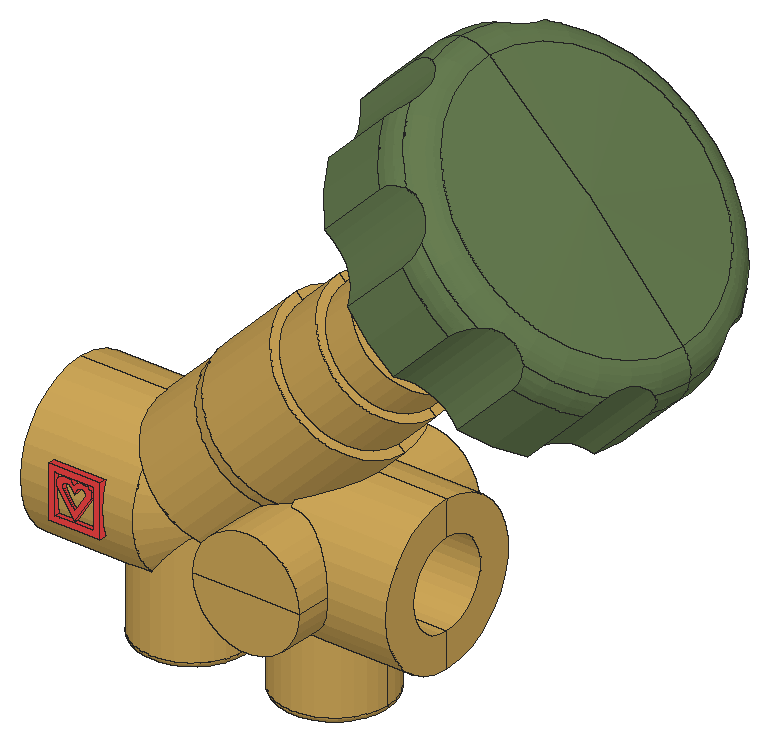
Revit family "HERZ Strömax 4125 AWD", category Rohrzubehör, Revit 2018
Family settings
  Bemaßung runder Anschluss = Durchmesser verwenden
  Teiletyp = Unterbricht
  OmniClass-Nummer = 23.65.55.14
  OmniClass-Titel = Valves for Liquid Services
  Arbeitsebenenbasiert = Nein
  Immer vertikal = Ja
  Beim Laden mit Abzugskörper schneiden = Nein
  Gemeinsam genutzt = Nein
Parameters
  W01 = 45.00°  # constant formula
  URL = "www.herzvalves.com"
  Technically possible use = " "  # constant formula
  Spindle = "forged brass CW617N"  # constant formula
  SW01 = 60.00°  # constant formula
  SC_NennweiteBerechnet = 0
  SC_Dimension = ""
  SCTWSEQ = "FW;SBT_TYP_FW=\"109\";2"
  SCTWCODE = "04;00;02"  # constant formula
  S03 = 60.000 mm  # constant formula
  S02 [instance] = L06 + L09 + L12 + L15  # 77.900 mm
  S01 [instance] = R01 * 2  # 27.000 mm
  R12 [instance] = R01 - 1.000 mm  # 12.500 mm
  R11 [instance] = size_lookup("4125AWD_", "R11", 46.500 mm, Nennweite)  # 5.100 mm
  R100 = 1.000 mm  # constant formula
  R10 [instance] = size_lookup("4125AWD_", "R10", 46.500 mm, Nennweite)  # 8.000 mm
  R09 [instance] = size_lookup("4125AWD_", "R9", 46.500 mm, Nennweite)  # 10.500 mm
  R08 [instance] = size_lookup("4125AWD_", "R8", 46.500 mm, Nennweite)  # 12.000 mm
  R07 [instance] = size_lookup("4125AWD_", "R7", 46.500 mm, Nennweite)  # 13.500 mm
  R06 [instance] = size_lookup("4125AWD_", "R6", 43.000 mm, Nennweite)  # 13.000 mm
  R05 [instance] = Nennweite / 2  # 7.500 mm
  R04 [instance] = size_lookup("4125AWD_", "R4", 11.500 mm, Nennweite)  # 9.500 mm
  R03 = 9.500 mm  # constant formula
  R02 [instance] = Nennweite / 2  # 7.500 mm
  R01 [instance] = size_lookup("4125AWD_", "R1", 11.500 mm, Nennweite)  # 13.500 mm
  Part number [instance] = size_lookup("4125AWD_", "Artnr", 0, Nennweite)  # 2412571
  Upper part = "DZR brass CW626N"  # constant formula
  Note = "Pursuant to Article 33 of the REACH Regulation (EC No. 1907/2006), we are obliged to point out that the material lead is listed on the SVHC list and that all brass components manufactured in our products exceed 0.1% (w / w) lead (CAS: 7439-92-1 / EINECS: 231-100-4).\r\nSince lead is a component part of an alloy, actual exposure is not possible and therefore no additional information on safe use is necessary."
  Nennweite [instance] = 15.000 mm
  Min. flow at Dp 10 kPa [instance] = if(Nennweite = 15.000 mm, 0.5 L/s, if(Nennweite = 20.000 mm, 1.0 L/s, if(Nennweite = 25.000 mm, 1.75 L/s, if(Nennweite = 32.000 mm, 3.0 L/s, if(Nennweite = 40.000 mm, 4.0 L/s, if(Nennweite = 50.000 mm, 6.75 L/s, if(Nennweite = 65.000 mm, 11.0 L/s, if(Nennweite = 80.000 mm, 16.0 L/s, 0.0 L/s))))))))  # 0.5 L/s
  Medium = "Water"  # constant formula
  Max. operating temperature = 80 °C  # constant formula
  Max. operating pressure = 2000000.0 Pa  # constant formula
  Max. service temperature (ÖVGW) = 65 °C  # constant formula
  Max. differential pressure on closed seat = 1000000.0 Pa  # constant formula
  Max. operating pressure (ÖVGW) = 1000000.0 Pa  # constant formula
  L16 [instance] = L01 / 2  # 10.000 mm
  L15 [instance] = size_lookup("4125AWD_", "L15", 12.400 mm, Nennweite)  # 12.400 mm
  L14 [instance] = size_lookup("4125AWD_", "L14", 81.000 mm, Nennweite)  # 6.000 mm
  L12 [instance] = size_lookup("4125AWD_", "L12", 81.000 mm, Nennweite)  # 26.000 mm
  L11 [instance] = size_lookup("4125AWD_", "L11", 60.000 mm, Nennweite)  # 6.700 mm
  L10 [instance] = size_lookup("4125AWD_", "L10", 20.000 mm, Nennweite)  # 9.300 mm
  L09 [instance] = size_lookup("4125AWD_", "L9", 11.000 mm, Nennweite)  # 17.000 mm
  L08 [instance] = size_lookup("4125AWD_", "L8", 35.000 mm, Nennweite)  # 20.000 mm
  L07 [instance] = size_lookup("4125AWD_", "L7", 35.000 mm, Nennweite)  # 12.500 mm
  L06 [instance] = size_lookup("4125AWD_", "L6", 118.000 mm, Nennweite) - L09  # 22.500 mm
  L05 [instance] = size_lookup("4125AWD_", "L5", 44.000 mm, Nennweite)  # 20.500 mm
  L04 [instance] = size_lookup("4125AWD_", "L4", 45.000 mm, Nennweite)  # 19.500 mm
  L03 = 15.000 mm  # constant formula
  L02 [instance] = size_lookup("4125AWD_", "L2", 22.000 mm, Nennweite)  # 6.000 mm
  L01 [instance] = size_lookup("4125AWD_", "L1", 48.000 mm, Nennweite)  # 20.000 mm
  L00 [instance] = size_lookup("4125AWD_", "L", 180.000 mm, Nennweite)  # 65.000 mm
  Plug = "DZR brass CW626N"  # constant formula
  Hersteller = "HERZ Armaturen Ges.m.b.H."  # constant formula
  Hand wheel = "plastic, green"  # constant formula
  H01 [instance] = size_lookup("4125AWD_", "H1", 53.000 mm, Nennweite)  # 24.000 mm
  Occasional temperature rises = "up to 95°C, if they do not last longer than 1 h"  # constant formula
  Seals = "EPDM"  # constant formula
  DN80 [instance] = Nennweite = 80.000 mm  # no
  DN65 [instance] = Nennweite = 65.000 mm  # no
  DN50 [instance] = Nennweite = 50.000 mm  # no
  DN40 [instance] = Nennweite = 40.000 mm  # no
  DN32 [instance] = Nennweite = 32.000 mm  # no
  DN25 [instance] = Nennweite = 25.000 mm  # no
  DN20 [instance] = Nennweite = 20.000 mm  # no
  DN15 [instance] = Nennweite = 15.000 mm  # yes
  Body = "DZR brass CC770S"  # constant formula
  Application = "For shutting off drinking water pipes in buildings."
Reference planes
  plane 1 "Mitte (Vorne/hinten)": y = 0
  plane 2: z = 0
  plane 3 "Mitte (Links/rechts)": x = 0
Forms (mm)
  Revolve 1, solid, material "Messing, weicher Gelbton, geschweißt", detail levels fine
    sketch origin (470, 0, 0) x (1, 0, 0) y (0, 0, 1)
      loop
        line (-502.5, 7.5) -> (-487.5, 7.5) -> (-487.5, 0) -> (-452.5, 0) -> (-452.5, 7.5) -> (-437.5, 7.5) -> (-437.5, 13.5) -> (-457.5, 13.5) -> (-464, 7.5) -> (-476, 7.5) -> (-482.5, 13.5) -> (-502.5, 13.5) -> (-502.5, 7.5)
      axis (-502.5, 0) -> (-437.5, 0)
    angle from 0 to 360
  Revolve 2, solid, material "Messing, weicher Gelbton, geschweißt", detail levels fine
    sketch origin (470, 0, 0) x (1, 0, 0) y (0, 0, 1)
      loop
        line (-492, 0) -> (-492, -23)
        arc (-492, -23) -> (-491.707, -23.707) -> (-491, -24) r 1
        line (-491, -24) -> (-482.5, -24) -> (-482.5, 0) -> (-492, 0)
      axis (-482.5, 0) -> (-482.5, -24)
    angle from 0 to 360
  Revolve 3, solid, material "Messing, weicher Gelbton, geschweißt", detail levels fine
    sketch origin (0, 0, 0) x (1, 0, 0) y (0, 1, 0)
      loop
        line (12.5, -19.5) -> (22, -19.5) -> (22, 20.5) -> (12.5, 20.5) -> (12.5, -19.5)
      axis (12.5, -19.5) -> (12.5, 20.5)
    angle from 0 to 360
  Revolve 4, solid, material "Messing, weicher Gelbton, geschweißt", detail levels fine
    sketch origin (-470, 0, 0) x (-1, 0, 0) y (0, 0, 1)
      loop
        line (-492, 0) -> (-492, -23)
        arc (-492, -23) -> (-491.707, -23.707) -> (-491, -24) r 1
        line (-491, -24) -> (-482.5, -24) -> (-482.5, 0) -> (-492, 0)
      axis (-482.5, 0) -> (-482.5, -24)
    angle from 0 to 360
  Revolve 5, solid, material "Messing, weicher Gelbton, geschweißt", detail levels fine
    sketch origin (0.32, 0, -0.105) x (1, 0, 0) y (0, 0, 1)
      loop
        line (-12.82, 0) -> (42.264, 55.084) -> (38.657, 58.69) -> (29.889, 49.922) -> (27.839, 51.972) -> (20.767, 44.901) -> (19, 46.669) -> (14.262, 41.931) -> (13.201, 42.992) -> (6.625, 36.416) -> (5.565, 37.477) -> (-6.456, 25.456) -> (-7.87, 23.335) -> (-17.77, 13.435) -> (-18.123, 5.303) -> (-12.82, 0)
      axis (-12.82, 0) -> (42.264, 55.084)
    angle from 0 to 360
Lines and regions (mm)
  model lines, detail levels coarse+medium
    curve 1: line (-32.5, 0, 13.5) -> (-32.5, 0, -13.5)
    curve 2: line (-32.5, 0, -13.5) -> (32.5, 0, 13.5)
    curve 3: line (32.5, 0, 13.5) -> (32.5, 0, -13.5)
    curve 4: line (32.5, 0, -13.5) -> (-32.5, 0, 13.5)
    curve 5: line (0, 0, 0) -> (38.95, 0, 67.463)
    curve 6: line (12.969, 0, 82.463) -> (64.931, 0, 52.463)
    curve 7: line (-32.5, -13.5, 0) -> (-32.5, 13.5, 0)
    curve 8: line (-32.5, 13.5, 0) -> (32.5, -13.5, 0)
    curve 9: line (32.5, -13.5, 0) -> (32.5, 13.5, 0)
    curve 10: line (32.5, 13.5, 0) -> (-32.5, -13.5, 0)
    curve 11: line (0, 0, 0) -> (38.95, 67.463, 0)
    curve 12: line (12.969, 82.463, 0) -> (64.931, 52.463, 0)
Dimensions and locks
  "H01": plane 2 to Revolve 2 sketch curve
  "L00": Revolve 1 sketch curve to Revolve 1 sketch curve
  equal spacing: Revolve 1 sketch curve, plane 3 "Mitte (Links/rechts)", Revolve 1 sketch curve
  "R01": Revolve 1 sketch curve to Revolve 1 sketch curve  (x2)
  "R02": Revolve 1 sketch curve to Revolve 1 sketch curve  (x3)
  "L01": Revolve 1 sketch curve to Revolve 1 sketch curve  (x2)
  "L02": plane 3 "Mitte (Links/rechts)" to Revolve 1 sketch curve
  "L02": Revolve 1 sketch curve to plane 3 "Mitte (Links/rechts)"
  "L03": Revolve 1 sketch curve to Revolve 1 sketch curve  (x2)
  "L01": Revolve 1 to Revolve 2 sketch curve
  "R03": Revolve 2 sketch curve to Revolve 2 sketch curve
  "L01": Revolve 4 sketch curve to Revolve 1
  "R03": Revolve 4 sketch curve to Revolve 4 sketch curve
  "H01": plane 2 to Revolve 4 sketch curve
  "L04": Revolve 3 sketch curve to plane 1 "Mitte (Vorne/hinten)"
  "L05": plane 1 "Mitte (Vorne/hinten)" to Revolve 3 sketch curve
  "R04": Revolve 3 sketch curve to Revolve 3 sketch curve
  "L01": Revolve 3 sketch curve to Revolve 1
  "R07": Revolve 5 sketch curve to Revolve 5 sketch curve
  "L07": plane 3 "Mitte (Links/rechts)" to Revolve 5 sketch curve
  "R05": Revolve 5 sketch curve to Revolve 5 sketch curve
  "L06": Revolve 5 sketch curve to Revolve 5 sketch curve
  "L08": Revolve 5 sketch curve to Revolve 5 sketch curve
  "R06": Revolve 5 sketch curve to Revolve 5 sketch curve
  "L14": Revolve 5 sketch curve to Revolve 5 sketch curve
  "L09": Revolve 5 sketch curve to Revolve 5 sketch curve
  "R08": Revolve 5 sketch curve to Revolve 5 sketch curve
  "L10": Revolve 5 sketch curve to Revolve 5 sketch curve
  "R09": Revolve 5 sketch curve to Revolve 5 sketch curve
  "R10": Revolve 5 sketch curve to Revolve 5 sketch curve
  "L12": Revolve 5 sketch curve to Revolve 5 sketch curve
  "R11": Revolve 5 sketch curve to Revolve 5 sketch curve
  "L15": Revolve 5 sketch curve to Revolve 5 sketch curve
  "L11": Revolve 5 sketch curve to Revolve 5 sketch curve
  "R12": nested 9 to plane 1 "Mitte (Vorne/hinten)"
  "L16": Revolve 1 to nested 9
  equal spacing: curve 1, plane 3 "Mitte (Links/rechts)", curve 3
  "L00": curve 1 to curve 3
  equal spacing: curve 4, plane 2, curve 2
  "S01": curve 4 to curve 1
  "S01": curve 3 to curve 4
  equal spacing: curve 3, plane 2, curve 4
  "S02": curve 5 to curve 5
  equal spacing: curve 6, curve 5, curve 6
  "S03": curve 6 to curve 6
  equal spacing: curve 7, plane 3 "Mitte (Links/rechts)", curve 9
  "L00": curve 7 to curve 9
  equal spacing: curve 10, plane 1 "Mitte (Vorne/hinten)", curve 8
  "S01": curve 8 to curve 10
  equal spacing: curve 9, plane 1 "Mitte (Vorne/hinten)", curve 10
  "S01": curve 10 to curve 9
  "S02": curve 11 to curve 11
  equal spacing: curve 12, curve 11, curve 12
  "S03": curve 12 to curve 12
  "R100": radius of Revolve 2 sketch curve
  "R100": radius of Revolve 4 sketch curve
  "W01": angle plane 2 to Revolve 5 sketch curve
  "W01": angle level to Revolve 5 sketch curve
  "SW01": angle plane 2 to curve 5
  "SW01": angle plane 1 "Mitte (Vorne/hinten)" to curve 11
  aligned and locked: level to plane 2
Automatic sketch dimensions
  curve 5 to level = 0.000 mm
  plane 1 "Mitte (Vorne/hinten)" to curve 11 = 0.000 mm
  Revolve 1 sketch curve to level = 0.000 mm  (x2)
  Revolve 1 sketch curve to Revolve 1 sketch curve = 791.990 mm
  Revolve 1 sketch curve to Revolve 1 sketch curve = 2278.983 mm
  Revolve 2 sketch curve to level = 0.000 mm  (x2)
  Revolve 2 sketch curve to Revolve 2 sketch curve = 0.000 mm
  Revolve 2 sketch curve to Revolve 2 sketch curve = 0.292 mm
  Revolve 3 sketch curve to Revolve 3 sketch curve = 0.000 mm  (x3)
  Revolve 4 sketch curve to level = 0.000 mm  (x2)
  Revolve 4 sketch curve to Revolve 4 sketch curve = 0.000 mm
  Revolve 4 sketch curve to Revolve 4 sketch curve = 0.292 mm
  Revolve 5 sketch curve to level = 0.105 mm
  Revolve 5 sketch curve to Revolve 5 sketch curve = 0.000 mm  (x2)
Nested families
  nested 1: "Strömax-Handrad_Schrägsitz (Grün)" at (42.584, 0, 54.979), visible <- "DN15", type "Strömax-Handrad_Schrägsitz (Grün)", detail levels fine
    with Nennweite 0.000 mm, Gewicht 0.00 kg, Bestellnummer 0
  nested 2: "Strömax-Handrad_Schrägsitz (Grün)" at (54.312, 0, 67.707), visible <- "DN20", type "Strömax-Handrad_Schrägsitz (Grün)", detail levels fine
    with Nennweite 0.000 mm, Gewicht 0.00 kg, Bestellnummer 0
  nested 3: "Strömax-Handrad_Schrägsitz (Grün)" at (62.469, 0, 80.364), visible <- "DN25", type "Strömax-Handrad_Schrägsitz (Grün)", detail levels fine
    with Nennweite 0.000 mm, Gewicht 0.00 kg, Bestellnummer 0
  nested 4: "Strömax-Handrad_Schrägsitz (Grün)" at (71.712, 0, 91.607), visible <- "DN32", type "Strömax-Handrad_Schrägsitz (Grün)", detail levels fine
    with Nennweite 0.000 mm, Gewicht 0.00 kg, Bestellnummer 0
  nested 5: "Strömax-Handrad_Schrägsitz (Grün)" at (80.399, 0, 101.294), visible <- "DN40", type "Strömax-Handrad_Schrägsitz (Grün)", detail levels fine
    with Nennweite 0.000 mm, Gewicht 0.00 kg, Bestellnummer 0
  nested 6: "Strömax-Handrad_Schrägsitz (Grün)" at (97.83, 0, 129.225), visible <- "DN50", type "Strömax-Handrad_Schrägsitz (Grün)", detail levels fine
    with Nennweite 0.000 mm, Gewicht 0.00 kg, Bestellnummer 0
  nested 7: "Strömax-Handrad_Schrägsitz (Grün)" at (114.482, 0, 149.378), visible <- "DN65", type "Strömax-Handrad_Schrägsitz (Grün)", detail levels fine
    with Nennweite 0.000 mm, Gewicht 0.00 kg, Bestellnummer 0
  nested 8: "Strömax-Handrad_Schrägsitz (Grün)" at (140.423, 0, 183.319), visible <- "DN80", type "Strömax-Handrad_Schrägsitz (Grün)", detail levels fine
    with Nennweite 0.000 mm, Gewicht 0.00 kg, Bestellnummer 0
  nested 9: "Herz-Logo-vorne" at (-22.5, -13.232, 0) x (0, 1, 0) z (0, 0, 1), type "Herz-Logo-vorne", detail levels fine
Connectors
  piping at (-17.5, 0, 0), diameter 15, driven by "Nennweite"
    settings: on Revolve 1, index 1, connector inside diameter 609.6 mm, connector length 0.000 mm, flow factor 0, pipe flow 0.0 L/s, pressure drop 0.0 Pa, fitting loss kfactor 0, connector angle 0.00°, fixture units 0, engagement length 0.000 mm, angle of deflection 0.00°, flow configuration 0, flow direction 1, fitting loss method 0, system type 29, joint type 0, gender type 0, connector reference index -1, connector utility 0, adjustable connector no, is connector primary yes, connector description ""
  piping at (17.5, 0, 0), diameter 15, driven by "Nennweite"
    settings: on Revolve 1, index 2, connector inside diameter 609.6 mm, connector length 0.000 mm, flow factor 0, pipe flow 0.0 L/s, pressure drop 0.0 Pa, fitting loss kfactor 0, connector angle 0.00°, fixture units 0, engagement length 0.000 mm, angle of deflection 0.00°, flow configuration 0, flow direction 2, fitting loss method 0, system type 29, joint type 0, gender type 0, connector reference index -1, connector utility 0, adjustable connector no, is connector primary no, connector description ""
Definition of nested family "Strömax-Handrad_Schrägsitz (Grün)"
  Parameters (values of type "Strömax-Handrad_Schrägsitz (Grün)")
    URL = "www.herz-armaturen.at"
    Nennweite [instance] = 0.000 mm
    Manufacturer = "Herz Armaturen GmbH"  # constant formula
    Gewicht [instance] = 0.00 kg
    Bestellnummer [instance] = 0
  Reference planes
    plane 1 "Mitte (Vorne/hinten)": y = 0
    plane 2: z = 0
    plane 3 "Mitte (Links/rechts)": x = 0
  Forms (mm)
    Revolve 1, solid
      sketch origin (0, 0, 0) x (0.707107, 0, -0.707107) y (0.707107, 0, 0.707107)
        loop
          line (0, 0) -> (0, 22)
          arc (0, 22) -> (-12.15, 21.705) -> (-24.271, 20.819) r 250
          arc (-24.271, 20.819) -> (-26.831, 19.959) -> (-28.754, 18.063) r 6
          arc (-28.754, 18.063) -> (-29.682, 16.008) -> (-30, 13.776) r 8
          line (-30, 13.776) -> (-30, 0) -> (0, 0)
        axis (0, 22) -> (0, 0)
      angle from 0 to 360
    Extrusion 2, void
      sketch origin (0, 0, 0) x (0.707107, 0, -0.707107) y (0, 1, 0)
        loop
          circle (14.351, -34.645) r 10
      from 0 to 22
    Extrusion 3, void
      sketch origin (0, 0, 0) x (-0.707107, 0, 0.707107) y (0, -1, 0)
        loop
          circle (14.351, 34.645) r 10
      from 0 to 22
    Extrusion 4, void
      sketch origin (0, 0, 0) x (0, -1, 0) y (0.707107, 0, -0.707107)
        loop
          circle (14.351, 34.645) r 10
      from 0 to 22
    Extrusion 5, void
      sketch origin (0, 0, 0) x (0, 1, 0) y (-0.707107, 0, 0.707107)
        loop
          circle (14.351, -34.645) r 10
      from 0 to 22
    Extrusion 6, void
      sketch origin (0, 0, 0) x (0, -1, 0) y (0.707107, 0, -0.707107)
        loop
          circle (14.351, -34.645) r 10
      from 0 to 22
    Extrusion 7, void
      sketch origin (0, 0, 0) x (0, 1, 0) y (-0.707107, 0, 0.707107)
        loop
          circle (14.351, 34.645) r 10
      from 0 to 22
    Extrusion 8, void
      sketch origin (0, 0, 0) x (0.707107, 0, -0.707107) y (0, 1, 0)
        loop
          circle (14.351, 34.645) r 10
      from 0 to 22
    Extrusion 9, void
      sketch origin (0, 0, 0) x (-0.707107, 0, 0.707107) y (0, -1, 0)
        loop
          circle (14.351, -34.645) r 10
      from 0 to 22
  Cuts and joins
    Extrusion 2, Extrusion 3, Extrusion 4, Extrusion 5, Extrusion 6, Extrusion 7, Extrusion 8, Extrusion 9 cuts Revolve 1
  Dimensions and locks
    aligned and locked: level to plane 2
Definition of nested family "Herz-Logo-vorne"
  Reference planes
    plane 1 "Mitte (Vorne/hinten)": y = 0
    plane 2: z = 0
    plane 3 "Mitte (Links/rechts)": x = 0
  Forms (mm)
    Extrusion 1, solid
      sketch origin (0.732, -0.018, 0.017) x (0, -1, 0) y (0, 0, 1)
        loop
          line (-0.018, -4.517) -> (4.482, -4.517) -> (4.482, 4.483) -> (-4.518, 4.483) -> (-4.518, -4.517) -> (-0.018, -4.517)
        loop
          line (-0.05, -3.48) -> (3.482, -3.48) -> (3.482, 3.483) -> (-3.518, 3.483) -> (-3.518, -3.48) -> (-0.05, -3.48)
        loop
          arc (-0.018, 2.383) -> (-1.543, 3.287) -> (-3.067, 2.383) r 1.738
          arc (-3.067, 2.383) -> (-3.191, 1.899) -> (-3.067, 1.415) r 1.009
          line (-3.067, 1.415) -> (-0.018, -3.281) -> (3.032, 1.415)
          arc (3.032, 1.415) -> (3.156, 1.899) -> (3.032, 2.383) r 1.009
          arc (3.032, 2.383) -> (1.507, 3.287) -> (-0.018, 2.383) r 1.738
        loop
          arc (1.885, 1.272) -> (2.005, 1.675) -> (1.885, 2.079) r 0.74
          arc (1.885, 2.079) -> (1.265, 2.416) -> (0.644, 2.079) r 0.74
          line (0.644, 2.079) -> (-0.018, 0.97) -> (-0.679, 2.079)
          arc (-0.679, 2.079) -> (-1.3, 2.416) -> (-1.921, 2.079) r 0.74
          arc (-1.921, 2.079) -> (-2.04, 1.675) -> (-1.921, 1.272) r 0.74
          line (-1.921, 1.272) -> (-0.018, -1.658) -> (1.885, 1.272)
      from 0 to 1.5
  Dimensions and locks
    aligned and locked: level to plane 2
